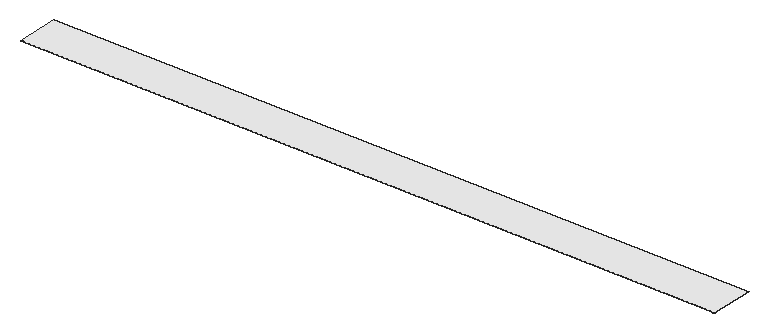
Revit family "ROTHOB_Rothoblaas_Membrane_Traspir110", category Structural Connections, host Face, Revit 2020
Family settings
  Host = Face
  Material for Model Behavior = Other
  OmniClass Number = 23.13.25.25
  OmniClass Title = Air Barriers
  Enable cutting in views = Yes
  Cut with Voids When Loaded = No
  Shared = No
Parameters (values of type "TRASPIR110")
  WaterVapourTransmition_Sd = "0.03 m"  # constant formula
  WarrantyStartDate [instance] = ""
  WarrantyGuarantorParts = "n/a"  # constant formula
  WarrantyGuarantorLabor = "n/a"  # constant formula
  WarrantyDurationUnit = "n/a"  # constant formula
  WarrantyDurationParts = "n/a"  # constant formula
  WarrantyDurationLabor = "n/a"  # constant formula
  WarrantyDescription = "n/a"  # constant formula
  Version = "2"  # constant formula
  UniClass2015Version = "Products v1.33"  # constant formula
  UniClass2015Title = "Polypropylene vapour-permeable sheets"  # constant formula
  UniClass2015Code = "Pr_25_57_10_66"  # constant formula
  UVStability = "336 h (3 months)"  # constant formula
  Tipo IFC predefinito = "USERDEFINED"  # constant formula
  SustainabilityPerformance = "n/a"  # constant formula
  Size = "n/a"  # constant formula
  Shape = "Bidimensional"  # constant formula
  Revision = "n/a"  # constant formula
  ReplacementCost = "n/a"  # constant formula
  ReactionFire = "class E"  # constant formula
  ObjectMaterial = ROTHOB_Rothoblaas_Polypropylene
  NominalWidth = "n/a"  # constant formula
  NominalHeight = "n/a"  # constant formula
  CSTBTitle = "Écrans souples pare-pluie"  # constant formula
  CSTBCode = "QB38 20-01-003"  # constant formula
  ModelNumberCode = 11030
  MassUnitArea = "112 g/m2"  # constant formula
  Default Elevation = 1.2192 m
  ProductInformation = "https://www.rothoblaas.com/products/airtightness-and-waterproofing/membranes/traspir/traspir-110#specifications"  # constant formula
  OmniClassVersion = "2012-05-16"  # constant formula
  OmniClassTitle = "Air Barriers"  # constant formula
  OmniClassCode = "23.13.25.25"  # constant formula
  NominalLength = "n/a"  # constant formula
  InstallationDate [instance] = ""
  Height_H [instance] = 3.00 m
  Name = "Membrane"  # constant formula
  ModelReference = "n/a"  # constant formula
  ModelNumber = "n/a"  # constant formula
  ModelDisclaimer = "The latest version of the data sheets can be found on our website"  # constant formula
  Material = "Polypropylene"  # constant formula
  ManufacturerURL = "www.rothoblaas.com"  # constant formula
  ManufacturerName = "ROTHO BLAAS SRL"  # constant formula
  Manufacturer = "info@rothoblaas.com"  # constant formula
  IfcExportType = "USERDEFINED"  # constant formula
  IfcExportAs = "IfcBuildingElementProxyType"  # constant formula
  SintefTitle = "Wind barrier"  # constant formula
  SintefCode = "TG 20471"  # constant formula
  Length_L [instance] = 50.00 m
  Grade = "n/a"  # constant formula
  Finish = "Non-woven PP fabric"  # constant formula
  Features = "Flexible sheets for waterproofing "  # constant formula
  ExpectedLife = "n/a"  # constant formula
  Esporta tipo in formato IFC con nome = "IfcBuildingElementProxyType"  # constant formula
  DurationUnit = "Years"  # constant formula
  Description = "Highly breathable membrane"  # constant formula
  Constituents = "n/a"  # constant formula
  Color = "Grey"  # constant formula
  CodePerformance = "CE - Construction products"  # constant formula
  Category = "Pr_25_57_10_66 - Polypropylene vapour-permeable sheets"  # constant formula
  CETitle = "n/a"  # constant formula
  CECode = "EN 13859-1/2"  # constant formula
  BIMObjectName = "ROTHOB_Rothoblaas_Membrane_Traspir110"  # constant formula
  EPDTitle = "n/a"  # constant formula
  EPDCode = "2021M20141"  # constant formula
  Author = "Vitor Ferronato"  # constant formula
  AssetType = "n/a"  # constant formula
  AccessibilityPerformance = "n/a"  # constant formula
Reference planes (m)
  plane 1 "Centro (Fronte/Retro)": y = 0
  plane 2: z = 0
  plane 3 "Centro (Sinistra/Destra)": x = 0
  plane 4: y = 1.5
  plane 5: x = -25
  plane 6: x = 25
  plane 7: y = -1.5
Forms (m)
  Extrusion 1, solid, material "ROTHOB_Rothoblaas_Polypropylene" <- "ObjectMaterial"
    sketch origin (0, 0, 0) x (1, 0, 0) y (0, 1, 0)
      loop
        line (-25, 1.5) -> (-25, -1.5) -> (25, -1.5) -> (25, 1.5) -> (-25, 1.5)
    from 0 to 0.001
Dimensions and locks (m)
  equal spacing: host sketch curve, plane 3 "Centro (Sinistra/Destra)", host sketch curve
  host sketch curve to host sketch curve = 50.455691 m
  equal spacing: host sketch curve, plane 1 "Centro (Fronte/Retro)", host sketch curve
  host sketch curve to host sketch curve = 3.20 m
  equal spacing: plane 5, plane 3 "Centro (Sinistra/Destra)", plane 6
  "Length_L": plane 5 to plane 6
  equal spacing: plane 4, plane 1 "Centro (Fronte/Retro)", plane 7
  "Height_H": plane 4 to plane 7
  aligned and locked: host face to plane 2
  aligned and locked: host face to level
  aligned and locked: plane 6 to Extrusion 1 sketch curve
  aligned and locked: Extrusion 1 sketch curve to plane 4
  aligned and locked: Extrusion 1 sketch curve to plane 7
  aligned and locked: plane 5 to Extrusion 1 sketch curve
